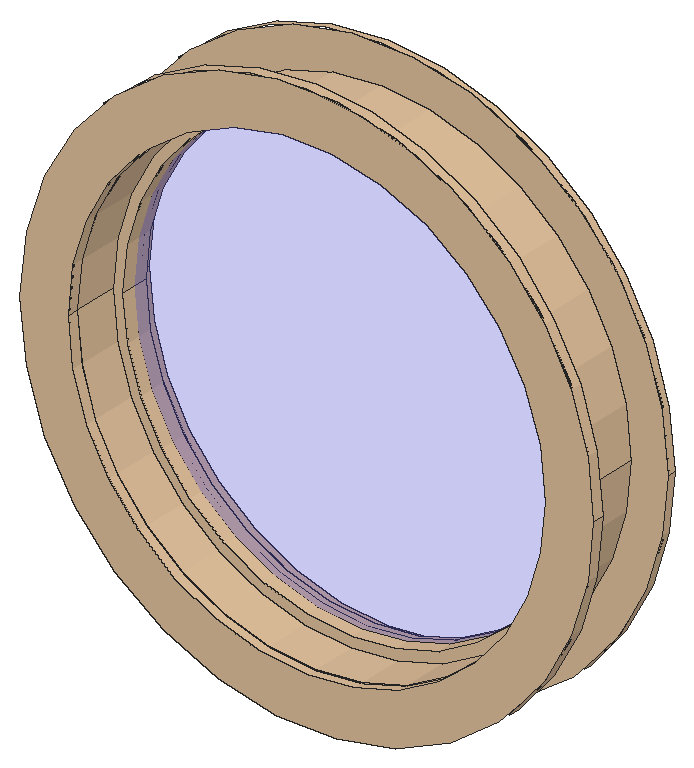
Revit family
Parameters (values of type "0915mm 지름")
  유리 창 재료 = 유리
  섀시 재료 = 섀시
  기본 씰 높이 = 762.00 mm
  자르기 외부 재료 = 자르기
  자르기 내부 재료 = 자르기
  자르기 투영 - 외부 = 13.00 mm
  자르기 투영 - 내부 = 19.00 mm
  자르기 폭 - 외부 = 89.00 mm
  자르기 폭 - 내부 = 89.00 mm
  Wall Closure = (empty or 0)
  Width = 915.00 mm
  창 인세트 = 19.00 mm
Types (5, lengths in mm): name | 기본 씰 높이 | Width
  (no name) | 762.00 | 915.00
  1220mm 지름 | 610.00 | 1220.00
  0915mm 지름 | 762.00 | 915.00
  0610 mm 지름 | 915.00 | 610.00
  1525mm 지름 | 457.00 | 1525.00
Reference planes
  plane 1: y = 0
  plane 2 "상단": z = 1677
  plane 3 "씰": z = 762
  plane 4: z = 1219.5
  plane 5: x = -457.2
  plane 6: x = 0.3
  plane 7: x = 457.8
  plane 8: x = 438.75
  plane 9: x = 527.75
  plane 10: x = -438.15
  plane 11: x = -527.15
  plane 12 "마무리": y = 31.8
Forms (mm)
  Extrusion 1, solid, material "자르기" <- "자르기 외부 재료"
    sketch origin (0, 0, 0) x (1, 0, 0) y (0, 0, 1)
      loop
        circle (0.3, 1219.5) r 457.5
      loop
        circle (0.3, 1219.5) r 438.45
    from -76.2 to 76.2
  Extrusion 2, solid, material "섀시" <- "섀시 재료"
    sketch origin (0, 0, 0) x (1, 0, 0) y (0, 0, 1)
      loop
        circle (0.3, 1219.5) r 438.45
      loop
        circle (0.3, 1219.5) r 419.4
    from -57.2 to -6.4
  Extrusion 3, solid, material "유리" <- "유리 창 재료"
    sketch origin (0, 0, 0) x (1, 0, 0) y (0, 0, 1)
      loop
        circle (0.3, 1219.5) r 419.4
    from -44.5 to -31.8
  Extrusion 4, solid, material "자르기" <- "자르기 외부 재료"
    sketch origin (0, 0, 0) x (1, 0, 0) y (0, 0, 1)
      loop
        circle (0.3, 1219.5) r 438.45
      loop
        circle (0.3, 1219.5) r 527.45
    from -89.2 to -76.2
  Extrusion 5, solid, material "자르기" <- "자르기 내부 재료"
    sketch origin (0, 0, 0) x (1, 0, 0) y (0, 0, 1)
      loop
        circle (0.3, 1219.5) r 438.45
      loop
        circle (0.3, 1219.5) r 527.45
    from 76.2 to 95.2
Lines and regions (mm)
  Opening 1
    outline origin (-1524, -76.2, 0) x (1, 0, 0) y (0, 0, 1)
      loop
        circle (1524.3, 1219.5) r 457.5
  Masking region 1
    outline origin (0, 0, 0) x (1, 0, 0) y (0, 1, 0)
      loop
        line (-527.15, 89.2) -> (-527.15, 76.2) -> (-457.2, 76.2) -> (-457.2, -76.2) -> (-527.15, -76.2) -> (-527.15, -95.2) -> (527.75, -95.2) -> (527.75, -76.2) -> (457.8, -76.2) -> (457.8, 76.2) -> (527.75, 76.2) -> (527.75, 89.2) -> (-527.15, 89.2)
  symbolic lines
    curve 1: line (-438.15, 57.2, 0) -> (-419.1, 57.2, 0)
    curve 2: line (-419.1, 57.2, 0) -> (-419.1, 6.4, 0)
    curve 3: line (-419.1, 6.4, 0) -> (-438.15, 6.4, 0)
    curve 4: line (438.75, 57.2, 0) -> (419.7, 57.2, 0)
    curve 5: line (419.7, 57.2, 0) -> (419.7, 6.4, 0)
    curve 6: line (419.7, 6.4, 0) -> (438.75, 6.4, 0)
    curve 7: line (-419.1, 57.2, 0) -> (419.7, 57.2, 0)
    curve 8: line (419.7, 6.4, 0) -> (-419.1, 6.4, 0)
    curve 9: line (-457.2, 76.2, 0) -> (-438.15, 76.2, 0)
    curve 10: line (-438.15, 76.2, 0) -> (-438.15, -76.2, 0)
    curve 11: line (-438.15, -76.2, 0) -> (-457.2, -76.2, 0)
    curve 12: line (457.8, 76.2, 0) -> (438.75, 76.2, 0)
    curve 13: line (438.75, 76.2, 0) -> (438.75, -76.2, 0)
    curve 14: line (438.75, -76.2, 0) -> (457.8, -76.2, 0)
Text (mm)
  text "외부" at (0, 1019.848, 3124.603), in view "오른쪽"
  text "외부" at (-1787.662, 510.809, 0), in view "바닥 선"
  text "외부" at (0, 1206.291, 2968.097), in view "왼쪽"
Dimensions and locks
  equal spacing: plane 2 "상단", plane 4, plane 3 "씰"
  equal spacing: plane 5, plane 6, plane 7
  "Width": plane 5 to plane 7
  "Width": plane 2 "상단" to plane 3 "씰"
  "기본 씰 높이": plane 3 "씰" to host wall
  locked: Extrusion 2 to Extrusion 2 at 50.8
  "창 인세트": Extrusion 1 to Extrusion 2
  locked: Extrusion 2 to Extrusion 3 at 12.7
  locked: Extrusion 3 to Extrusion 3 at 12.7
  "자르기 투영 - 외부": Extrusion 4 to Extrusion 4
  "자르기 투영 - 내부": Extrusion 5 to Extrusion 5
  locked: plane 8 to plane 7 at 19.05
  "자르기 폭 - 외부": plane 8 to plane 9
  locked: plane 5 to plane 10 at 19.05
  "자르기 폭 - 내부": plane 11 to plane 10
  locked: plane 12 "마무리" to host wall at 44.4
  aligned and locked: host wall to Extrusion 1  (x2)
  aligned and locked: Extrusion 4 to host wall
  aligned and locked: Extrusion 5 to host wall
  aligned and locked: Masking region 1 sketch curve to Extrusion 4
  aligned and locked: Masking region 1 sketch curve to Extrusion 5
  aligned and locked: plane 11 to Masking region 1 sketch curve  (x2)
  aligned and locked: Masking region 1 sketch curve to host wall  (x4)
  aligned and locked: Masking region 1 sketch curve to plane 7
  aligned and locked: Masking region 1 sketch curve to plane 9  (x2)
  aligned and locked: curve 1 to Extrusion 2
  aligned and locked: curve 3 to Extrusion 2
  aligned and locked: curve 4 to Extrusion 2
  aligned and locked: Extrusion 2 to curve 6
  aligned and locked: curve 1 to curve 7
  aligned and locked: plane 5 to Masking region 1 sketch curve
  aligned and locked: Extrusion 4 to curve 9
  aligned and locked: Extrusion 5 to curve 11
  aligned and locked: plane 10 to curve 10
  aligned and locked: curve 14 to Extrusion 5
  aligned and locked: curve 12 to Extrusion 1
  aligned and locked: plane 8 to curve 13
Automatic sketch dimensions
  Opening 1 sketch curve to plane 4 = 0.00 mm
  Opening 1 sketch curve to plane 5 = 0.00 mm
  Opening 1 sketch curve to plane 6 = 0.00 mm
  Extrusion 1 sketch curve to plane 4 = 0.00 mm  (x2)
  Extrusion 1 sketch curve to plane 5 = 0.00 mm
  Extrusion 1 sketch curve to plane 6 = 0.00 mm  (x2)
  Extrusion 1 sketch curve to Extrusion 1 sketch curve = 19.05 mm
  Extrusion 2 sketch curve to plane 4 = 0.00 mm  (x2)
  Extrusion 2 sketch curve to plane 6 = 0.00 mm  (x2)
  Extrusion 2 sketch curve to plane 5 = 38.10 mm
  Extrusion 2 sketch curve to plane 5 = 19.05 mm
  Extrusion 3 sketch curve to plane 4 = 0.00 mm
  Extrusion 3 sketch curve to plane 6 = 0.00 mm
  Extrusion 3 sketch curve to plane 5 = 38.10 mm
  Extrusion 4 sketch curve to plane 4 = 0.00 mm  (x2)
  Extrusion 4 sketch curve to plane 6 = 0.00 mm  (x3)
  Extrusion 4 sketch curve to plane 8 = 0.00 mm
  Extrusion 4 sketch curve to plane 9 = 0.00 mm
  Extrusion 5 sketch curve to plane 4 = 0.00 mm  (x2)
  Extrusion 5 sketch curve to plane 11 = 0.00 mm  (x2)
  Extrusion 5 sketch curve to plane 10 = 0.00 mm
  Extrusion 5 sketch curve to plane 6 = 0.00 mm  (x2)
  curve 11 to plane 5 = 0.00 mm
  curve 12 to plane 7 = 0.00 mm
  curve 9 to plane 5 = 0.00 mm
  curve 1 to curve 1 = 19.05 mm
  plane 8 to curve 4 = 19.05 mm
  plane 7 to curve 14 = 0.00 mm
